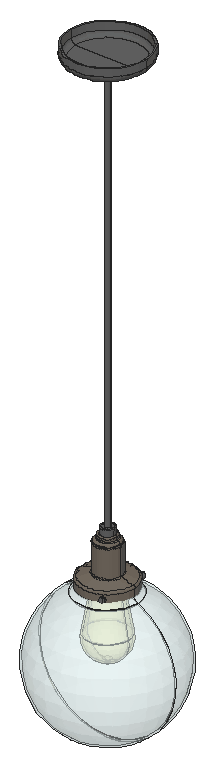
Revit family "GCB8", category Lighting Fixtures, Revit 2024
Family settings
  Round Connector Dimension = Use Diameter
  Part Type = Normal
  OmniClass Number = 23.80.70.00
  OmniClass Title = Lighting
  Work Plane-Based = No
  Always vertical = Yes
  Cut with Voids When Loaded = No
  Light Source = No
  Maintain Annotation Orientation = No
  Shared = No
  Room Calculation Point = No
Parameters
  Default Elevation = 0' - 0"
Reference planes (in)
  plane 1 "Light Source Axis (F/B)": y = 0
  plane 2: z = 0
  plane 3 "Light Source Axis (L/R)": x = 0
  plane 4 "Light Source Elevation": z = 54
Forms (in)
  Revolve 1, solid, material "MISC."
    sketch origin (0, 0, 0) x (1, 0, 0) y (0, 0, 1)
      loop
        line (2.25, 82.12494) -> (2.15625, 82.12494) -> (2.15625, 81.69794)
        arc (2.15625, 81.69794) -> (2.0812, 81.51675) -> (1.9, 81.44169) r 0.25625
        line (1.9, 81.44169) -> (0, 81.44169) -> (0, 80.97294) -> (0.35, 80.97294)
        arc (0.35, 80.97294) -> (0.36768, 80.98027) -> (0.375, 80.99794) r 0.025
        line (0.375, 80.99794) -> (0.375, 81.34794) -> (1.9, 81.34794)
        arc (1.9, 81.34794) -> (2.14749, 81.45046) -> (2.25, 81.69794) r 0.35
        line (2.25, 81.69794) -> (2.25, 82.12494)
      axis (0, 82.12494) -> (0, 80.97294)
    angle from 0 to 360
  Revolve 2, solid, material "MISC."
    sketch origin (0, 0, 0) x (1, 0, 0) y (0, 0, 1)
      loop
        line (0.34925, 57.125) -> (0, 57.125) -> (0, 56.75235) -> (0.37425, 56.75235) -> (0.37425, 57.1)
        arc (0.37425, 57.1) -> (0.36693, 57.11768) -> (0.34925, 57.125) r 0.025
      axis (0, 57.125) -> (0, 56.75235)
    angle from 0 to 360
  Revolve 3, solid, material "MISC."
    sketch origin (0, 0, 0) x (1, 0, 0) y (0, 0, 1)
      loop
        line (0, 80.97294) -> (0, 57.125) -> (0.14972, 57.125) -> (0.14972, 80.97294) -> (0, 80.97294)
      axis (0, 80.97294) -> (0, 57.125)
    angle from 0 to 360
  Revolve 4, solid, material "21P"
    sketch origin (0, 0, 0) x (1, 0, 0) y (0, 0, 1)
      loop
        arc (0.5, 56.68985) -> (0.48169, 56.73405) -> (0.4375, 56.75235) r 0.0625
        line (0.4375, 56.75235) -> (0, 56.75235) -> (0, 56.65625) -> (0.40625, 56.65625) -> (0.40625, 56.5625)
        arc (0.40625, 56.5625) -> (0.45201, 56.45201) -> (0.5625, 56.40625) r 0.15625
        arc (0.5625, 56.40625) -> (0.5846, 56.3971) -> (0.59375, 56.375) r 0.03125
        arc (0.59375, 56.375) -> (0.6105, 56.3125) -> (0.65625, 56.26675) r 0.125
        line (0.65625, 56.26675) -> (0.65625, 54.78863)
        arc (0.65625, 54.78863) -> (0.68826, 54.69388) -> (0.77116, 54.63794) r 0.15625
        line (0.77116, 54.63794) -> (1.44577, 54.45288)
        arc (1.44577, 54.45288) -> (1.46235, 54.4417) -> (1.46875, 54.42275) r 0.03125
        line (1.46875, 54.42275) -> (1.46875, 54) -> (1.5625, 54) -> (1.5625, 54.42275)
        arc (1.5625, 54.42275) -> (1.53689, 54.49855) -> (1.47057, 54.54329) r 0.125
        line (1.47057, 54.54329) -> (0.79597, 54.72835)
        arc (0.79597, 54.72835) -> (0.7628, 54.75073) -> (0.75, 54.78863) r 0.0625
        line (0.75, 54.78863) -> (0.75, 56.3125)
        arc (0.75, 56.3125) -> (0.74085, 56.3346) -> (0.71875, 56.34375) r 0.03125
        arc (0.71875, 56.34375) -> (0.69665, 56.3529) -> (0.6875, 56.375) r 0.03125
        arc (0.6875, 56.375) -> (0.65089, 56.46339) -> (0.5625, 56.5) r 0.125
        arc (0.5625, 56.5) -> (0.51831, 56.51831) -> (0.5, 56.5625) r 0.0625
        line (0.5, 56.5625) -> (0.5, 56.68985)
      axis (0, 56.75235) -> (0, 54)
    angle from 0 to 360
  Revolve 5, solid, material "CLEAR"
    sketch origin (0, 0, 0) x (1, 0, 0) y (0, 0, 1)
      loop
        arc (0, 46.125) -> (3.89532, 49.2159) -> (1.77062, 53.71177) r 4
        arc (1.77062, 53.71177) -> (1.46596, 53.98732) -> (1.35162, 54.38187) r 0.7518
        line (1.35162, 54.38187) -> (1.25787, 54.38187)
        arc (1.25787, 54.38187) -> (1.38634, 53.93783) -> (1.72912, 53.6277) r 0.84555
        arc (1.72912, 53.6277) -> (3.80403, 49.23721) -> (0, 46.21875) r 3.90625
        line (0, 46.21875) -> (0, 46.125)
      axis (0, 54.38187) -> (0, 46.125)
    angle from 0 to 360
  Revolve 6, solid, material "LIGHTBULB"
    sketch origin (0, 0, 0) x (1, 0, 0) y (0, 0, 1)
      loop
        line (0.68938, 54.5347) -> (0.59716, 54.51782) -> (1.13735, 51.56685)
        arc (1.13735, 51.56685) -> (0.9553, 50.70725) -> (0.22157, 50.22383) r 1.15625
        arc (0.22157, 50.22383) -> (0.12794, 50.17665) -> (0.0726, 50.08761) r 0.19375
        arc (0.0726, 50.08761) -> (0.0454, 50.04822) -> (0, 50.03306) r 0.07559
        line (0, 50.03306) -> (0, 49.93931)
        arc (0, 49.93931) -> (0.10172, 49.97327) -> (0.16265, 50.06151) r 0.16934
        arc (0.16265, 50.06151) -> (0.19121, 50.10747) -> (0.23953, 50.13182) r 0.1
        arc (0.23953, 50.13182) -> (1.03275, 50.65444) -> (1.22957, 51.58373) r 1.25
        line (1.22957, 51.58373) -> (0.68938, 54.5347)
      axis (0, 54.5347) -> (0, 49.93931)
    angle from 0 to 360
  Revolve 7, solid, material "MISC."
    sketch origin (0, 0, 0) x (1, 0, 0) y (0, 0, 1)
      loop
        line (-1.4376, 54.19874) -> (-1.4376, 54.25571) -> (-1.65953, 54.25571) -> (-1.65953, 54.34115) -> (-1.74378, 54.34115) -> (-1.74378, 54.19874) -> (-1.4376, 54.19874)
      axis (-1.4376, 54.19874) -> (-1.74378, 54.19874)
    angle from 0 to 360
  Revolve 8, solid, material "MISC."
    sketch origin (0, 0, 0) x (-0.5, -0.866025, 0) y (0, 0, 1)
      loop
        line (-1.4376, 54.19874) -> (-1.4376, 54.25571) -> (-1.65953, 54.25571) -> (-1.65953, 54.34115) -> (-1.74378, 54.34115) -> (-1.74378, 54.19874) -> (-1.4376, 54.19874)
      axis (-1.4376, 54.19874) -> (-1.74378, 54.19874)
    angle from 0 to 360
  Revolve 9, solid, material "MISC."
    sketch origin (0, 0, 0) x (-0.5, 0.866025, 0) y (0, 0, 1)
      loop
        line (-1.4376, 54.19874) -> (-1.4376, 54.25571) -> (-1.65953, 54.25571) -> (-1.65953, 54.34115) -> (-1.74378, 54.34115) -> (-1.74378, 54.19874) -> (-1.4376, 54.19874)
      axis (-1.4376, 54.19874) -> (-1.74378, 54.19874)
    angle from 0 to 360
Dimensions and locks (in)
  aligned and locked: level to plane 2
